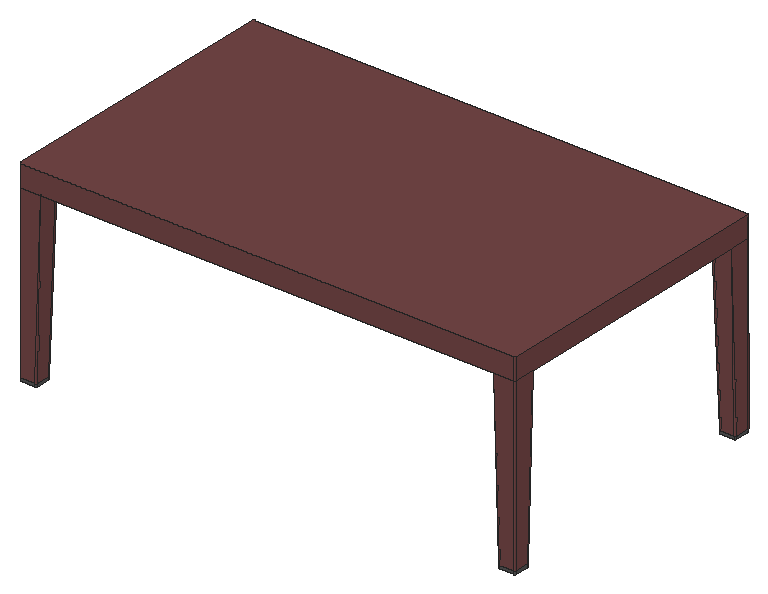
Revit family "Haworth_Janus_Quinta_Table_Cocktail", category Furniture, Revit 2018
Family settings
  OmniClass Number = 23.40.70.14.64.21
  OmniClass Title = Systems Furniture
  Work Plane-Based = No
  Always vertical = Yes
  Cut with Voids When Loaded = No
  Shared = No
  Room Calculation Point = No
Parameters (values of type "HCJC-QN-TOR43-J - Large")
  Warranty = "https://www.haworth.com/resources/product-info/warranties"
  URL - Product = "https://www.haworth.com/na/en/products/side-occasional/quinta-table.html"
  Type Comments = ""
  Top Thickness = if(Small, 1 187/256", 1 221/256")  # 1 221/256"
  Top Finish [instance] = Haworth _ Fabric _ JANUSfiber _ Bronze JJF-40
  Small = no
  Model = "HCJC-QN-TOR43-J"
  URL = "http://www.haworth.com/our-brands/haworth-collection"
  Size = "Verify Final Dim. w/ Haworth"  # constant formula
  Revision Number = "2"  # constant formula
  Manufacturer = "Haworth"  # constant formula
  Leg Height = if(Small, 10 1/4", 15 35/256")  # 15 35/256"
  Large = not(Small)  # yes
  Glide Finish = Haworth _ Polymer _ Black
  Description = "Haworth Janus Quinta - Large Cocktail Table"
  Base Finish [instance] = Haworth _ Fabric _ JANUSfiber _ Bronze JJF-40
  Author = "Haworth (Abd Rahman)"  # constant formula
  Assembly Code = "E2020200"
  Actual Width = 43 1/4"  # constant formula
  Actual Height = if(Small, 10 1/4", 17")  # 17"
  Actual Depth = if(Small, 23 3/4", 25 1/2")  # 25 1/2"
Types (2): name | Top Thickness | Small | Model | Leg Height | Large | Description | Base Finish | Actual Height | Actual Depth
  HCJC-QN-TOR43-W - Small | 1 187/256" | yes | "HCJC-QN-TOR43-W" | 10 1/4" | no | "Haworth Janus Quinta - Small Cocktail Table" | Haworth _ Wood _ JanusQuinta _ Natural Teak JW1-97 | 10 1/4" | 23 3/4"
  HCJC-QN-TOR43-J - Large | 1 221/256" | no | "HCJC-QN-TOR43-J" | 15 35/256" | yes | "Haworth Janus Quinta - Large Cocktail Table" | Haworth _ Fabric _ JANUSfiber _ Bronze JJF-40 | 17" | 25 1/2"
Reference planes (in)
  plane 1 "Center F/B": y = -0.15866
  plane 2 "Floor": z = 0
  plane 3 "Center L/R": x = -0.125
  plane 4: z = 0
  plane 5: x = -21.75
  plane 6: y = 12.59134
  plane 7: y = -12.90866
  plane 8: x = 21.5
  plane 9: z = 17
  plane 10: z = 15.13672
  plane 11: x = 20.04121
  plane 12: x = 19.64011
  plane 13: y = 10.73502
  plane 14: y = 11.13612
  plane 15: x = -20.29121
  plane 16: x = -19.89011
  plane 17: y = -11.04729
  plane 18: y = -11.4484
  plane 19: z = 0.25
  plane 20: z = 15.13672
Forms (in)
  Extrusion 1, solid, material "Haworth _ Fabric _ JANUSfiber _ Bronze JJF-40" <- "Top Finish", visible <- "Small"
    sketch origin (0, 0, 0) x (1, 0, 0) y (0, 1, 0)
      loop
        line (-19.89011, 12.59134) -> (-19.89011, 10.97998)
        arc (-19.89011, 10.97998) -> (-19.94646, 10.82186) -> (-20.09012, 10.73502) r 0.25
        line (-20.09012, 10.73502) -> (-21.75, 10.73502) -> (-21.75, -11.04729) -> (-20.14011, -11.04729)
        arc (-20.14011, -11.04729) -> (-19.96333, -11.12052) -> (-19.89011, -11.29729) r 0.25
        line (-19.89011, -11.29729) -> (-19.89011, -12.90866) -> (19.64011, -12.90866) -> (19.64011, -11.29729)
        arc (19.64011, -11.29729) -> (19.71333, -11.12052) -> (19.89011, -11.04729) r 0.25
        line (19.89011, -11.04729) -> (21.5, -11.04729) -> (21.5, 10.73502) -> (19.84012, 10.73502)
        arc (19.84012, 10.73502) -> (19.69646, 10.82186) -> (19.64011, 10.97998) r 0.25
        line (19.64011, 10.97998) -> (19.64011, 12.59134) -> (-19.89011, 12.59134)
    from 15.13672 to 17
  Blend 2, solid, material "Haworth _ Fabric _ JANUSfiber _ Bronze JJF-40" <- "Base Finish"
    base sketch origin (-0.25, -0.31732, 0) x (-1, 0, 0) y (0, -1, 0)
      loop
        arc (20.16621, 12.59134) -> (20.07782, 12.55473) -> (20.04121, 12.46634) r 0.125
        line (20.04121, 12.46634) -> (20.04121, 11.25445)
        arc (20.04121, 11.25445) -> (20.07734, 11.16721) -> (20.16459, 11.13108) r 0.12338
        line (20.16459, 11.13108) -> (21.37622, 11.13108)
        arc (21.37622, 11.13108) -> (21.46374, 11.16733) -> (21.5, 11.25486) r 0.12378
        line (21.5, 11.25486) -> (21.5, 12.46634)
        arc (21.5, 12.46634) -> (21.46339, 12.55473) -> (21.375, 12.59134) r 0.125
        line (21.375, 12.59134) -> (20.16621, 12.59134)
    top sketch origin (-0.25, -0.31732, 0) x (-1, 0, 0) y (0, -1, 0)
      loop
        line (19.64011, 12.59134) -> (19.64011, 10.97998)
        arc (19.64011, 10.97998) -> (19.71333, 10.8032) -> (19.89011, 10.72998) r 0.25
        line (19.89011, 10.72998) -> (21.5, 10.72998) -> (21.5, 12.46634)
        arc (21.5, 12.46634) -> (21.46339, 12.55473) -> (21.375, 12.59134) r 0.125
        line (21.375, 12.59134) -> (19.64011, 12.59134)
    from 0.25 to 15.13672
  Blend 3, solid, material "Haworth _ Fabric _ JANUSfiber _ Bronze JJF-40" <- "Base Finish"
    base sketch origin (0, -0.31732, 0) x (1, 0, 0) y (0, 1, 0)
      loop
        line (20.16621, -12.59134) -> (21.375, -12.59134)
        arc (21.375, -12.59134) -> (21.46339, -12.55473) -> (21.5, -12.46634) r 0.125
        line (21.5, -12.46634) -> (21.5, -11.25486)
        arc (21.5, -11.25486) -> (21.46374, -11.16733) -> (21.37622, -11.13108) r 0.12378
        line (21.37622, -11.13108) -> (20.16459, -11.13108)
        arc (20.16459, -11.13108) -> (20.07734, -11.16721) -> (20.04121, -11.25445) r 0.12338
        line (20.04121, -11.25445) -> (20.04121, -12.46634)
        arc (20.04121, -12.46634) -> (20.07782, -12.55473) -> (20.16621, -12.59134) r 0.125
    top sketch origin (0, -0.31732, 0) x (1, 0, 0) y (0, 1, 0)
      loop
        line (19.64011, -12.59134) -> (21.3735, -12.59134)
        arc (21.3735, -12.59134) -> (21.46295, -12.55429) -> (21.5, -12.46485) r 0.1265
        line (21.5, -12.46485) -> (21.5, -10.72998) -> (19.89011, -10.72998)
        arc (19.89011, -10.72998) -> (19.71333, -10.8032) -> (19.64011, -10.97998) r 0.25
        line (19.64011, -10.97998) -> (19.64011, -12.59134)
    from 0.25 to 15.13672
  Blend 4, solid, material "Haworth _ Fabric _ JANUSfiber _ Bronze JJF-40" <- "Base Finish"
    base sketch origin (0, 0, 0) x (1, 0, 0) y (0, 1, 0)
      loop
        arc (20.16621, 12.59134) -> (20.07782, 12.55473) -> (20.04121, 12.46634) r 0.125
        line (20.04121, 12.46634) -> (20.04121, 11.25445)
        arc (20.04121, 11.25445) -> (20.07734, 11.16721) -> (20.16459, 11.13108) r 0.12338
        line (20.16459, 11.13108) -> (21.37622, 11.13108)
        arc (21.37622, 11.13108) -> (21.46374, 11.16733) -> (21.5, 11.25486) r 0.12378
        line (21.5, 11.25486) -> (21.5, 12.46634)
        arc (21.5, 12.46634) -> (21.46339, 12.55473) -> (21.375, 12.59134) r 0.125
        line (21.375, 12.59134) -> (20.16621, 12.59134)
    top sketch origin (0, 0, 0) x (1, 0, 0) y (0, 1, 0)
      loop
        line (19.64011, 12.59134) -> (19.64011, 10.97998)
        arc (19.64011, 10.97998) -> (19.71333, 10.8032) -> (19.89011, 10.72998) r 0.25
        line (19.89011, 10.72998) -> (21.5, 10.72998) -> (21.5, 12.46454)
        arc (21.5, 12.46454) -> (21.46286, 12.5542) -> (21.3732, 12.59134) r 0.1268
        line (21.3732, 12.59134) -> (19.64011, 12.59134)
    from 0.25 to 15.13672
  Blend 5, solid, material "Haworth _ Fabric _ JANUSfiber _ Bronze JJF-40" <- "Base Finish"
    base sketch origin (-0.25, 0, 0) x (-1, 0, 0) y (0, -1, 0)
      loop
        line (20.16621, -12.59134) -> (21.375, -12.59134)
        arc (21.375, -12.59134) -> (21.46339, -12.55473) -> (21.5, -12.46634) r 0.125
        line (21.5, -12.46634) -> (21.5, -11.25486)
        arc (21.5, -11.25486) -> (21.46374, -11.16733) -> (21.37622, -11.13108) r 0.12378
        line (21.37622, -11.13108) -> (20.16459, -11.13108)
        arc (20.16459, -11.13108) -> (20.07734, -11.16721) -> (20.04121, -11.25445) r 0.12338
        line (20.04121, -11.25445) -> (20.04121, -12.46634)
        arc (20.04121, -12.46634) -> (20.07782, -12.55473) -> (20.16621, -12.59134) r 0.125
    top sketch origin (-0.25, 0, 0) x (-1, 0, 0) y (0, -1, 0)
      loop
        line (19.64011, -12.59134) -> (21.37434, -12.59134)
        arc (21.37434, -12.59134) -> (21.46319, -12.55454) -> (21.5, -12.46568) r 0.12566
        line (21.5, -12.46568) -> (21.5, -10.72998) -> (19.89011, -10.72998)
        arc (19.89011, -10.72998) -> (19.71333, -10.8032) -> (19.64011, -10.97998) r 0.25
        line (19.64011, -10.97998) -> (19.64011, -12.59134)
    from 0.25 to 15.13672
  Extrusion 6, solid, material "Haworth _ Fabric _ JANUSfiber _ Bronze JJF-40" <- "Top Finish", visible <- "Large"
    sketch origin (0, 0, 6) x (1, 0, 0) y (0, 1, 0)
      loop
        arc (-21.62434, 12.59134) -> (-21.71319, 12.55454) -> (-21.75, 12.46568) r 0.12566
        line (-21.75, 12.46568) -> (-21.75, -12.78366)
        arc (-21.75, -12.78366) -> (-21.71339, -12.87205) -> (-21.625, -12.90866) r 0.125
        line (-21.625, -12.90866) -> (21.37434, -12.90866)
        arc (21.37434, -12.90866) -> (21.46319, -12.87185) -> (21.5, -12.783) r 0.12566
        line (21.5, -12.783) -> (21.5, 12.46568)
        arc (21.5, 12.46568) -> (21.46319, 12.55454) -> (21.37434, 12.59134) r 0.12566
        line (21.37434, 12.59134) -> (-21.62434, 12.59134)
    from 9.13672 to 11
  Revolve 7, solid, material "Haworth _ Polymer _ Black" <- "Glide Finish", visible <- "Small"
    sketch origin (0, 11.04837, 0) x (1, 0, 0) y (0, 0, 1)
      loop
        line (-21.08239, 0.25) -> (-21.08239, 0) -> (-20.81224, 0)
        arc (-20.81224, 0) -> (-20.78071, 0.03152) -> (-20.81224, 0.06305) r 0.03152
        arc (-20.81224, 0.06305) -> (-20.93631, 0.09641) -> (-21.02691, 0.1875) r 0.24737
        line (-21.02691, 0.1875) -> (-21.02691, 0.25) -> (-21.08239, 0.25)
      axis (-21.08239, 0) -> (-21.08239, 0.25)
    angle from 0 to 360
  Revolve 8, solid, material "Haworth _ Polymer _ Black" <- "Glide Finish", visible <- "Small"
    sketch origin (41.91543, 11.04837, 0) x (1, 0, 0) y (0, 0, 1)
      loop
        line (-21.08239, 0.25) -> (-21.08239, 0) -> (-20.81224, 0)
        arc (-20.81224, 0) -> (-20.78071, 0.03152) -> (-20.81224, 0.06305) r 0.03152
        arc (-20.81224, 0.06305) -> (-20.93631, 0.09641) -> (-21.02691, 0.1875) r 0.24737
        line (-21.02691, 0.1875) -> (-21.02691, 0.25) -> (-21.08239, 0.25)
      axis (-21.08239, 0) -> (-21.08239, 0.25)
    angle from 0 to 360
  Revolve 9, solid, material "Haworth _ Polymer _ Black" <- "Glide Finish", visible <- "Small"
    sketch origin (41.91446, -11.36569, 0) x (1, 0, 0) y (0, 0, 1)
      loop
        line (-21.08239, 0.25) -> (-21.08239, 0) -> (-20.81224, 0)
        arc (-20.81224, 0) -> (-20.78071, 0.03152) -> (-20.81224, 0.06305) r 0.03152
        arc (-20.81224, 0.06305) -> (-20.93631, 0.09641) -> (-21.02691, 0.1875) r 0.24737
        line (-21.02691, 0.1875) -> (-21.02691, 0.25) -> (-21.08239, 0.25)
      axis (-21.08239, 0) -> (-21.08239, 0.25)
    angle from 0 to 360
  Revolve 10, solid, material "Haworth _ Polymer _ Black" <- "Glide Finish", visible <- "Small"
    sketch origin (0.00122, -11.36569, 0) x (1, 0, 0) y (0, 0, 1)
      loop
        line (-21.08239, 0.25) -> (-21.08239, 0) -> (-20.81224, 0)
        arc (-20.81224, 0) -> (-20.78071, 0.03152) -> (-20.81224, 0.06305) r 0.03152
        arc (-20.81224, 0.06305) -> (-20.93631, 0.09641) -> (-21.02691, 0.1875) r 0.24737
        line (-21.02691, 0.1875) -> (-21.02691, 0.25) -> (-21.08239, 0.25)
      axis (-21.08239, 0) -> (-21.08239, 0.25)
    angle from 0 to 360
  Extrusion 11, solid, material "Haworth _ Polymer _ Black" <- "Glide Finish", visible <- "Large"
    sketch origin (0, 0, 0) x (1, 0, 0) y (0, 1, 0)
      loop
        line (-20.29121, 11.25445) -> (-20.29121, 12.46634)
        arc (-20.29121, 12.46634) -> (-20.32782, 12.55473) -> (-20.41621, 12.59134) r 0.125
        line (-20.41621, 12.59134) -> (-21.62434, 12.59134)
        arc (-21.62434, 12.59134) -> (-21.71319, 12.55454) -> (-21.75, 12.46568) r 0.12566
        line (-21.75, 12.46568) -> (-21.75, 11.25486)
        arc (-21.75, 11.25486) -> (-21.72535, 11.18073) -> (-21.6612, 11.13612) r 0.12378
        line (-21.6612, 11.13612) -> (-20.37966, 11.13612)
        arc (-20.37966, 11.13612) -> (-20.31576, 11.18059) -> (-20.29121, 11.25445) r 0.12338
      loop
        arc (20.04121, 11.25445) -> (20.06576, 11.18059) -> (20.12966, 11.13612) r 0.12338
        line (20.12966, 11.13612) -> (21.4112, 11.13612)
        arc (21.4112, 11.13612) -> (21.47535, 11.18073) -> (21.5, 11.25486) r 0.12378
        line (21.5, 11.25486) -> (21.5, 12.46568)
        arc (21.5, 12.46568) -> (21.46319, 12.55454) -> (21.37434, 12.59134) r 0.12566
        line (21.37434, 12.59134) -> (20.16621, 12.59134)
        arc (20.16621, 12.59134) -> (20.07782, 12.55473) -> (20.04121, 12.46634) r 0.125
        line (20.04121, 12.46634) -> (20.04121, 11.25445)
      loop
        arc (-20.29121, -11.57177) -> (-20.32734, -11.48453) -> (-20.41459, -11.4484) r 0.12338
        line (-20.41459, -11.4484) -> (-21.62622, -11.4484)
        arc (-21.62622, -11.4484) -> (-21.71374, -11.48465) -> (-21.75, -11.57218) r 0.12378
        line (-21.75, -11.57218) -> (-21.75, -12.783)
        arc (-21.75, -12.783) -> (-21.71319, -12.87185) -> (-21.62434, -12.90866) r 0.12566
        line (-21.62434, -12.90866) -> (-20.41621, -12.90866)
        arc (-20.41621, -12.90866) -> (-20.32782, -12.87205) -> (-20.29121, -12.78366) r 0.125
        line (-20.29121, -12.78366) -> (-20.29121, -11.57177)
      loop
        line (20.04121, -11.57177) -> (20.04121, -12.78366)
        arc (20.04121, -12.78366) -> (20.07782, -12.87205) -> (20.16621, -12.90866) r 0.125
        line (20.16621, -12.90866) -> (21.37434, -12.90866)
        arc (21.37434, -12.90866) -> (21.46319, -12.87185) -> (21.5, -12.783) r 0.12566
        line (21.5, -12.783) -> (21.5, -11.57218)
        arc (21.5, -11.57218) -> (21.46374, -11.48465) -> (21.37622, -11.4484) r 0.12378
        line (21.37622, -11.4484) -> (20.16459, -11.4484)
        arc (20.16459, -11.4484) -> (20.07734, -11.48453) -> (20.04121, -11.57177) r 0.12338
    from 0 to 0.25
Lines and regions (in)
  Masking region 1
    outline origin (0, 0, 0) x (1, 0, 0) y (0, 1, 0)
      loop
        arc (-21.62434, 12.59134) -> (-21.71319, 12.55454) -> (-21.75, 12.46568) r 0.12566
        line (-21.75, 12.46568) -> (-21.75, -12.78366)
        arc (-21.75, -12.78366) -> (-21.71339, -12.87205) -> (-21.625, -12.90866) r 0.125
        line (-21.625, -12.90866) -> (21.37434, -12.90866)
        arc (21.37434, -12.90866) -> (21.46319, -12.87185) -> (21.5, -12.783) r 0.12566
        line (21.5, -12.783) -> (21.5, 12.46568)
        arc (21.5, 12.46568) -> (21.46319, 12.55454) -> (21.37434, 12.59134) r 0.12566
        line (21.37434, 12.59134) -> (-21.62434, 12.59134)
  symbolic lines, style "Haworth"
    curve 1: line (-19.89011, 12.59134, 0) -> (-19.89011, 10.97998, 0)
    curve 2: line (-20.09012, 10.73502, 0) -> (-21.75, 10.73502, 0)
    curve 3: arc (-19.89011, 10.97998, 0) -> (-19.94646, 10.82186, 0) -> (-20.09012, 10.73502, 0) r 0.25
    curve 4: line (-21.75, 12.46568, 0) -> (-21.75, 10.73502, 0)
    curve 5: line (-19.89011, 12.59134, 0) -> (-21.62434, 12.59134, 0)
    curve 6: arc (-21.62434, 12.59134, 0) -> (-21.71319, 12.55454, 0) -> (-21.75, 12.46568, 0) r 0.12566
    curve 7: line (19.64011, 12.59134, 0) -> (19.64011, 10.97998, 0)
    curve 8: line (19.84012, 10.73502, 0) -> (21.5, 10.73502, 0)
    curve 9: arc (19.64011, 10.97998, 0) -> (19.69646, 10.82186, 0) -> (19.84012, 10.73502, 0) r 0.25
    curve 10: line (21.5, 12.46568, 0) -> (21.5, 10.73502, 0)
    curve 11: line (19.64011, 12.59134, 0) -> (21.37434, 12.59134, 0)
    curve 12: arc (21.37434, 12.59134, 0) -> (21.46319, 12.55454, 0) -> (21.5, 12.46568, 0) r 0.12566
    curve 13: line (-19.89011, -12.90866, 0) -> (-19.89011, -11.29729, 0)
    curve 14: line (-20.09012, -11.05234, 0) -> (-21.75, -11.05234, 0)
    curve 15: arc (-19.89011, -11.29729, 0) -> (-19.94646, -11.13917, 0) -> (-20.09012, -11.05234, 0) r 0.25
    curve 16: line (-21.75, -12.783, 0) -> (-21.75, -11.05234, 0)
    curve 17: line (-19.89011, -12.90866, 0) -> (-21.62434, -12.90866, 0)
    curve 18: arc (-21.62434, -12.90866, 0) -> (-21.71319, -12.87185, 0) -> (-21.75, -12.783, 0) r 0.12566
    curve 19: line (19.64011, -12.90866, 0) -> (19.64011, -11.29729, 0)
    curve 20: line (19.84012, -11.05234, 0) -> (21.5, -11.05234, 0)
    curve 21: arc (19.64011, -11.29729, 0) -> (19.69646, -11.13917, 0) -> (19.84012, -11.05234, 0) r 0.25
    curve 22: line (21.5, -12.783, 0) -> (21.5, -11.05234, 0)
    curve 23: line (19.64011, -12.90866, 0) -> (21.37434, -12.90866, 0)
    curve 24: arc (21.37434, -12.90866, 0) -> (21.46319, -12.87185, 0) -> (21.5, -12.783, 0) r 0.12566
Dimensions and locks (in)
  "Actual Width": plane 5 to plane 8
  equal spacing: plane 5, plane 3 "Center L/R", plane 8
  "Actual Depth": plane 6 to plane 7
  equal spacing: plane 6, plane 1 "Center F/B", plane 7
  plane 5 to plane 15 to plane 16 = 1.45879" locked, 0.4011" locked
  plane 12 to plane 11 to plane 8 = 0.4011" locked, 1.45879" locked
  plane 7 to plane 18 to plane 17 = 1.46026" locked, 0.4011" locked
  plane 6 to plane 14 to plane 13 = 1.45522" locked, 0.4011" locked
  "Top Thickness": plane 9 to plane 10
  "Actual Height": plane 9 to plane 4
  "Leg Height": plane 20 to plane 4
  aligned and locked: plane 8 to Extrusion 1 sketch curve
  aligned and locked: plane 6 to Extrusion 1 sketch curve
  aligned and locked: plane 5 to Extrusion 1 sketch curve
  aligned and locked: plane 7 to Extrusion 1 sketch curve
  aligned and locked: plane 9 to Extrusion 1
  aligned and locked: Extrusion 1 to plane 10
  aligned and locked: Blend 2 to plane 19
  aligned and locked: Blend 3 to plane 17
  aligned and locked: plane 12 to Blend 3
  aligned and locked: Blend 3 to plane 7
  aligned and locked: Blend 3 to plane 8
  aligned and locked: plane 17 to Extrusion 1 sketch curve  (x2)
  aligned and locked: plane 16 to Extrusion 1 sketch curve  (x2)
  aligned and locked: Extrusion 1 sketch curve to plane 13  (x2)
  aligned and locked: Extrusion 1 sketch curve to plane 12  (x2)
  aligned and locked: plane 5 to Extrusion 6 sketch curve
  aligned and locked: plane 6 to Extrusion 6 sketch curve
  aligned and locked: plane 8 to Extrusion 6 sketch curve
  aligned and locked: plane 7 to Extrusion 6 sketch curve
  aligned and locked: Extrusion 6 to plane 10
  aligned and locked: plane 9 to Extrusion 6
  aligned and locked: plane 20 to Blend 2
  aligned and locked: plane 20 to Blend 5
  aligned and locked: plane 20 to Blend 3
  aligned and locked: plane 20 to Blend 4
  aligned and locked: Revolve 7 sketch curve to Revolve 7 sketch curve
  aligned and locked: Revolve 8 sketch curve to Revolve 8 sketch curve
  aligned and locked: Revolve 9 sketch curve to Revolve 9 sketch curve
  aligned and locked: Revolve 10 sketch curve to Revolve 10 sketch curve
  aligned and locked: Extrusion 11 sketch curve to plane 5
  aligned and locked: Extrusion 11 sketch curve to plane 6
  aligned and locked: plane 15 to Extrusion 11 sketch curve
  aligned and locked: Extrusion 11 sketch curve to plane 14
  aligned and locked: Extrusion 11 sketch curve to plane 11
  aligned and locked: plane 6 to Extrusion 11 sketch curve
  aligned and locked: plane 8 to Extrusion 11 sketch curve
  aligned and locked: plane 14 to Extrusion 11 sketch curve
  aligned and locked: plane 7 to Extrusion 11 sketch curve
  aligned and locked: plane 5 to Extrusion 11 sketch curve
  aligned and locked: plane 18 to Extrusion 11 sketch curve
  aligned and locked: Extrusion 11 sketch curve to plane 15
  aligned and locked: Extrusion 11 sketch curve to plane 18
  aligned and locked: plane 11 to Extrusion 11 sketch curve
  aligned and locked: Extrusion 11 sketch curve to plane 7
  aligned and locked: Extrusion 11 sketch curve to plane 8
  aligned and locked: Extrusion 11 to plane 4
  aligned and locked: plane 19 to Extrusion 11
  aligned and locked: plane 8 to Masking region 1 sketch curve
  aligned and locked: plane 7 to Masking region 1 sketch curve
  aligned and locked: plane 5 to Masking region 1 sketch curve
  aligned and locked: plane 6 to Masking region 1 sketch curve
  aligned and locked: curve 1 to Extrusion 1
  aligned and locked: curve 2 to Extrusion 1
  aligned and locked: curve 3 to Extrusion 1
  aligned and locked: curve 6 to Extrusion 6
Automatic sketch dimensions
  Blend 5 sketch curve to plane 15 = 0"
  plane 6 to Blend 5 sketch curve = 0"  (x2)
  Blend 5 sketch curve to plane 5 = 0"  (x2)
  plane 15 to Blend 5 sketch curve = 0.12338"
  plane 15 to Blend 5 sketch curve = 1/8"
  Blend 5 sketch curve to Blend 5 sketch curve = 1/8"
  plane 14 to Blend 5 sketch curve = 0.00505"
  Blend 5 sketch curve to plane 5 = 0.12378"
  Blend 5 sketch curve to plane 16 = 0"
  Blend 5 sketch curve to plane 15 = 0.1511"
  Blend 5 sketch curve to plane 5 = 0.12566"
  plane 14 to Blend 5 sketch curve = 0.15615"
  curve 14 to plane 5 = 0"
  curve 17 to plane 7 = 0"
  curve 15 to plane 16 = 0"
  curve 19 to plane 7 = 0"
  curve 19 to plane 12 = 0"
  plane 6 to curve 11 = 0"
  curve 11 to plane 12 = 0"
  curve 8 to plane 13 = 0"
  curve 22 to plane 8 = 0"
  curve 10 to plane 8 = 0"
  plane 5 to curve 17 = 0.12566"
  plane 15 to curve 15 = 0.1511"
  plane 17 to curve 14 = 0.00505"
  plane 15 to curve 14 = 0.20108"
  plane 17 to curve 20 = 0.00505"
  curve 20 to plane 12 = 0.20002"
  curve 8 to plane 12 = 0.20002"
  plane 11 to curve 9 = 0.1511"
  plane 11 to curve 21 = 0.1511"
  plane 8 to curve 11 = 0.12566"
  curve 24 to curve 22 = 0.12566"
  plane 15 to Extrusion 1 sketch curve = 0.1511"  (x2)
  plane 15 to Extrusion 1 sketch curve = 0.20108"
  Extrusion 1 sketch curve to plane 12 = 0.20002"
  plane 11 to Extrusion 1 sketch curve = 0.1511"  (x2)
  Blend 2 sketch curve to plane 15 = 0"
  plane 18 to Blend 2 sketch curve = 0"
  Blend 2 sketch curve to plane 7 = 0"  (x2)
  Blend 2 sketch curve to plane 5 = 0"  (x2)
  Blend 2 sketch curve to Blend 2 sketch curve = 0.12338"
  Blend 2 sketch curve to plane 15 = 1/8"
  Blend 2 sketch curve to Blend 2 sketch curve = 1/8"
  plane 5 to Blend 2 sketch curve = 0.12378"
  Blend 2 sketch curve to plane 16 = 0"
  plane 17 to Blend 2 sketch curve = 0"
  plane 15 to Blend 2 sketch curve = 0.1511"
  plane 5 to Blend 2 sketch curve = 1/8"
  Blend 3 sketch curve to plane 11 = 0"
  plane 18 to Blend 3 sketch curve = 0"
  Blend 3 sketch curve to plane 7 = 0"  (x2)
  Blend 3 sketch curve to plane 8 = 0"  (x2)
  plane 11 to Blend 3 sketch curve = 0.12338"
  plane 11 to Blend 3 sketch curve = 1/8"
  Blend 3 sketch curve to Blend 3 sketch curve = 1/8"
  Blend 3 sketch curve to plane 8 = 0.12378"
  Blend 3 sketch curve to plane 12 = 0"
  plane 17 to Blend 3 sketch curve = 0"
  Blend 3 sketch curve to plane 11 = 0.1511"
  Blend 3 sketch curve to plane 8 = 0.1265"
  Blend 4 sketch curve to plane 11 = 0"
  plane 6 to Blend 4 sketch curve = 0"  (x2)
  Blend 4 sketch curve to plane 8 = 0"  (x2)
  Blend 4 sketch curve to Blend 4 sketch curve = 0.12338"
  Blend 4 sketch curve to plane 11 = 1/8"
  Blend 4 sketch curve to Blend 4 sketch curve = 1/8"
  Blend 4 sketch curve to plane 14 = 0.00505"
  plane 8 to Blend 4 sketch curve = 0.12378"
  Blend 4 sketch curve to plane 12 = 0"
  plane 11 to Blend 4 sketch curve = 0.1511"
  plane 8 to Blend 4 sketch curve = 0.1268"
  Blend 4 sketch curve to plane 14 = 0.15615"
  plane 5 to Extrusion 6 sketch curve = 1/8"
  plane 5 to Extrusion 6 sketch curve = 0.12566"
  Extrusion 6 sketch curve to Extrusion 6 sketch curve = 0.12566"
  plane 8 to Extrusion 6 sketch curve = 0.12566"
  Revolve 7 sketch curve to level = 0"  (x2)
  Revolve 7 sketch curve to plane 19 = 0"  (x2)
  plane 5 to Revolve 7 sketch curve = 0.66761"
  Revolve 7 sketch curve to Revolve 7 sketch curve = 0.05548"
  level to Revolve 7 sketch curve = 0.03152"
  Revolve 7 sketch curve to Revolve 7 sketch curve = 0.21467"
  Revolve 7 sketch curve to plane 19 = 1/16"
  plane 19 to Revolve 7 sketch curve = 0.06041"
  Revolve 8 sketch curve to level = 0"  (x2)
  Revolve 8 sketch curve to plane 19 = 0"  (x2)
  plane 8 to Revolve 8 sketch curve = 0.66695"
  Revolve 8 sketch curve to Revolve 8 sketch curve = 0.05548"
  level to Revolve 8 sketch curve = 0.03152"
  Revolve 8 sketch curve to Revolve 8 sketch curve = 0.21467"
  Revolve 8 sketch curve to plane 19 = 1/16"
  plane 19 to Revolve 8 sketch curve = 0.06041"
  Revolve 9 sketch curve to level = 0"  (x2)
  Revolve 9 sketch curve to plane 19 = 0"  (x2)
  plane 8 to Revolve 9 sketch curve = 0.66793"
  Revolve 9 sketch curve to Revolve 9 sketch curve = 0.05548"
  level to Revolve 9 sketch curve = 0.03152"
  Revolve 9 sketch curve to Revolve 9 sketch curve = 0.21467"
  Revolve 9 sketch curve to plane 19 = 1/16"
  plane 19 to Revolve 9 sketch curve = 0.06041"
  Revolve 10 sketch curve to level = 0"  (x2)
  Revolve 10 sketch curve to plane 19 = 0"  (x2)
  plane 5 to Revolve 10 sketch curve = 0.66883"
  Revolve 10 sketch curve to Revolve 10 sketch curve = 0.05548"
  level to Revolve 10 sketch curve = 0.03152"
  Revolve 10 sketch curve to Revolve 10 sketch curve = 0.21467"
  Revolve 10 sketch curve to plane 19 = 1/16"
  plane 19 to Revolve 10 sketch curve = 0.06041"
  plane 5 to Extrusion 11 sketch curve = 0.0888"
  plane 5 to Extrusion 11 sketch curve = 0.12378"
  plane 14 to Extrusion 11 sketch curve = 0.11874"  (x2)
  plane 5 to Extrusion 11 sketch curve = 0.12566"  (x2)
  plane 7 to Extrusion 11 sketch curve = 1/8"  (x2)
  plane 6 to Extrusion 11 sketch curve = 1/8"  (x2)
  plane 14 to Extrusion 11 sketch curve = 0.11833"  (x2)
  Extrusion 11 sketch curve to Extrusion 11 sketch curve = 0.12338"  (x3)
  Extrusion 11 sketch curve to plane 11 = 0.08845"
  plane 8 to Extrusion 11 sketch curve = 0.12566"  (x2)
  Extrusion 11 sketch curve to Extrusion 11 sketch curve = 0.12378"  (x2)
  plane 5 to Masking region 1 sketch curve = 1/8"
  plane 5 to Masking region 1 sketch curve = 0.12566"
  plane 8 to Masking region 1 sketch curve = 0.12566"  (x2)
